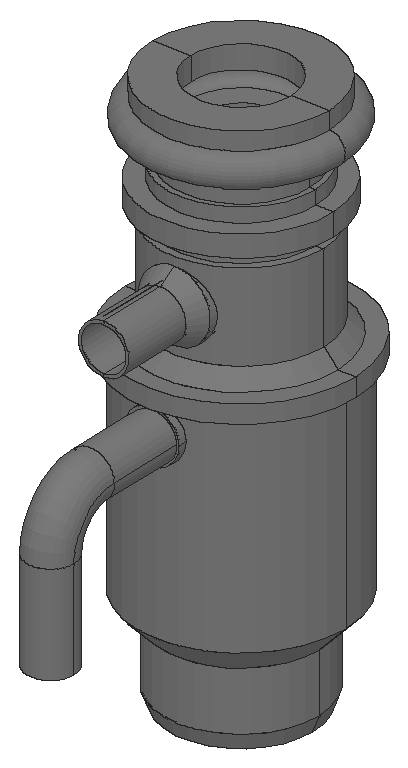
Revit family "GFC525V_GE_APPLIANCES_DISPOSALL", category Plumbing Fixtures, Revit 2019
Family settings
  Round Connector Dimension = Use Diameter
  Part Type = Normal
  Work Plane-Based = No
  Always vertical = Yes
  Cut with Voids When Loaded = No
  Shared = No
  Room Calculation Point = No
Parameters
  URL = "https://www.geapplianceparts.com/store/parts/spec/GFC525V"
  Model = "GFC525V"
  Manufacturer = "GE Appliances"
  M_DISPOSALL = M_ST_DISPOSALL
  Keynote = ""
  Description = "1/2 Horsepower Continuous-Feed Disposer"
Reference planes (in)
  plane 1 "Center (Front/Back)": y = 0
  plane 2: z = 0
  plane 3 "Center (Left/Right)": x = 0
Forms (in)
  Revolve 1, solid, material "M_ST_DISPOSALL" <- "M_DISPOSALL"
    sketch origin (0, 0, 0) x (1, 0, 0) y (0, 0, 1)
      loop
        line (-0.75089, 0) -> (-0.91898, 0.42961) -> (-0.91898, 1.79633) -> (-1.52536, 2.4346) -> (-1.52536, 7.26472) -> (-1.75279, 7.26472) -> (-1.75279, 7.43023) -> (-1.40313, 7.43023) -> (-1.01474, 7.85749) -> (-1.01474, 9.75949) -> (-0.83922, 9.75949) -> (-0.83922, 10.32867) -> (-1.23829, 10.32867) -> (-1.23829, 10.57329) -> (-0.83922, 10.57329) -> (-0.83922, 10.89233) -> (-0.71154, 10.89233) -> (-0.71154, 11.73279) -> (-1.26741, 11.73279)
        arc (-1.26741, 11.73279) -> (-1.49225, 12.03192) -> (-1.14241, 12.16475) r 0.23407
        line (-1.14241, 12.16475) -> (-1.14241, 12.68572) -> (-1.99461, 12.68572) -> (-1.99461, 12.28688)
        arc (-1.99461, 12.28688) -> (-2.35368, 11.92781) -> (-1.99461, 11.56875) r 0.35907
        line (-1.99461, 11.56875) -> (-1.56374, 11.56875) -> (-1.56374, 10.97828) -> (-1.69142, 10.97828) -> (-1.69142, 10.65925) -> (-2.09049, 10.65925) -> (-2.09049, 10.16463) -> (-1.69142, 10.16463) -> (-1.69142, 9.84544) -> (-1.86694, 9.84544) -> (-1.86694, 7.86677) -> (-2.18563, 7.51619) -> (-2.60499, 7.51619) -> (-2.60499, 7.10068) -> (-2.37757, 7.10068) -> (-2.37757, 2.34565) -> (-1.77118, 1.70738) -> (-1.77118, 0.36699) -> (-1.6276, 0) -> (-0.75089, 0)
      axis (0, 12.68572) -> (0, 0)
    angle from 0 to 360
  Extrusion 2, solid, material "M_ST_DISPOSALL" <- "M_DISPOSALL"
    sketch origin (0, 0, 0) x (1, 0, 0) y (0, 0, 1)
      loop
        circle (0, 6.49822) r 0.5998
      loop
        circle (0, 6.49822) r 0.5373
    from 1.86577 to 2.50085
  Sweep 3, solid, material "M_ST_DISPOSALL" <- "M_DISPOSALL"
    path origin (0, 0, 0) x (0, 1, 0) y (0, 0, 1)
      loop
        line (-2.30067, 6.49822) -> (-4.25, 6.49822)
        arc (-4.25, 6.49822) -> (-5.0455, 6.16872) -> (-5.375, 5.37322) r 1.125
        line (-5.375, 5.37322) -> (-5.375, 3.12322)
    profile origin (0, -3.27533, 6.49822) x (0, 0, -1) y (1, 0, 0)
      loop
        circle (0, 0) r 0.5373
      loop
        circle (0, 0) r 0.5
  Revolve 4, solid, material "M_ST_DISPOSALL" <- "M_DISPOSALL"
    sketch origin (0, 0, 0) x (0, 1, 0) y (0, 0, 1)
      loop
        line (-1.86577, 9.65543) -> (-2.27529, 9.419) -> (-1.5, 9.419) -> (-1.5, 9.65543) -> (-1.86577, 9.65543)
      axis (-1.5, 8.85611) -> (-2.27529, 8.85611)
    angle from 0 to 360
  Revolve 5, solid, material "M_ST_DISPOSALL" <- "M_DISPOSALL"
    sketch origin (0, 0, 0) x (0, 1, 0) y (0, 0, 1)
      loop
        line (-3.86577, 9.41861) -> (-3.86577, 9.35611) -> (-1.86577, 9.35611) -> (-1.86577, 9.41861) -> (-3.86577, 9.41861)
      axis (-1.86577, 8.85611) -> (-3.86577, 8.85611)
    angle from 0 to 360
Cuts and joins
  joined: Revolve 1, Extrusion 2
Dimensions and locks (in)
  aligned and locked: level to plane 2
Connectors (in)
  piping at (0, -3.86577, 8.85611), diameter 1
    settings: on Revolve 5, index 1, connector inside diameter 609.6 mm, connector length 0' - 0", flow factor 0, pipe flow 0.0 L/s, pressure drop 0.0 Pa, fitting loss kfactor 0, connector angle 0.00°, fixture units 0, engagement length 0' - 0", angle of deflection 0.00°, flow configuration 0, flow direction 1, fitting loss method 0, system type 20, joint type 0, gender type 0, connector reference index -1, connector utility 0, adjustable connector no, is connector primary yes, connector description ""
  piping at (0, -5.375, 3.12322), diameter 1
    settings: on Sweep 3, index 2, connector inside diameter 609.6 mm, connector length 0' - 0", flow factor 0, pipe flow 0.0 L/s, pressure drop 0.0 Pa, fitting loss kfactor 0, connector angle 0.00°, fixture units 0, engagement length 0' - 0", angle of deflection 0.00°, flow configuration 0, flow direction 1, fitting loss method 0, system type 20, joint type 0, gender type 0, connector reference index -1, connector utility 0, adjustable connector no, is connector primary no, connector description ""
  piping at (0, 0, 0), diameter 1.5
    settings: on cut or joined group of Revolve 1, Extrusion 2, index 3, connector inside diameter 609.6 mm, connector length 0' - 0", flow factor 0, pipe flow 0.0 L/s, pressure drop 0.0 Pa, fitting loss kfactor 0, connector angle 0.00°, fixture units 0, engagement length 0' - 0", angle of deflection 0.00°, flow configuration 0, flow direction 2, fitting loss method 0, system type 16, joint type 0, gender type 0, connector reference index -1, connector utility 0, adjustable connector no, is connector primary no, connector description ""
